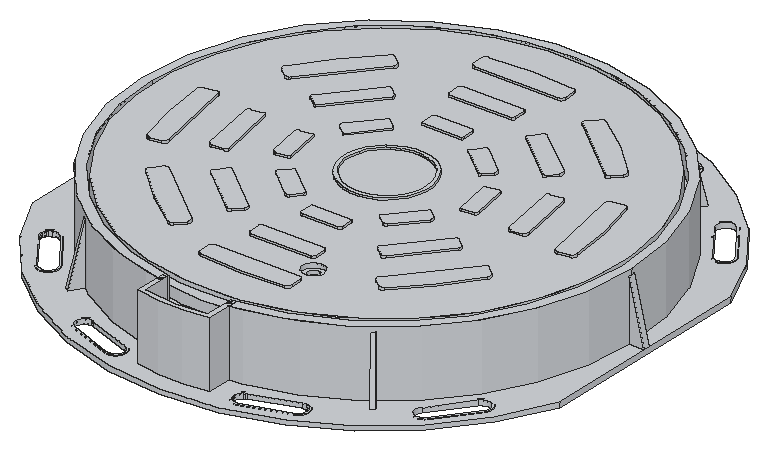
Revit family "110301-01796", category Обобщенные модели, Revit 2019 (continued)
Definition of nested family "Крышка люка"
  Automatic sketch dimensions
    Extrusion 18 sketch curve to Extrusion 18 sketch curve = 6.367 mm
    Extrusion 18 sketch curve to plane 1 "По центру (Вперед/Назад)" = 2.668 mm
    Extrusion 18 sketch curve to plane 1 "По центру (Вперед/Назад)" = 2.394 mm
    plane 1 "По центру (Вперед/Назад)" to Extrusion 18 sketch curve = 21.786 mm
    Extrusion 18 sketch curve to Extrusion 18 sketch curve = 2.828 mm
    Extrusion 18 sketch curve to Extrusion 18 sketch curve = 3.991 mm
    plane 4 to Extrusion 18 sketch curve = 448.01 mm
    Extrusion 18 sketch curve to plane 4 = 7.037 mm
    Extrusion 18 sketch curve to plane 3 "По центру (Влево/Вправо)" = 100.794 mm
    Extrusion 18 sketch curve to Extrusion 18 sketch curve = 0.433 mm
    Extrusion 18 sketch curve to Extrusion 18 sketch curve = 15.776 mm
    Extrusion 18 sketch curve to Extrusion 18 sketch curve = 0.534 mm
    plane 1 "По центру (Вперед/Назад)" to Extrusion 19 sketch curve = 130.882 mm
    plane 5 to Extrusion 19 sketch curve = 119.239 mm
    Extrusion 19 sketch curve to Extrusion 19 sketch curve = 5.739 mm  (x3)
    Extrusion 19 sketch curve to Extrusion 19 sketch curve = 58.401 mm  (x2)
    Extrusion 19 sketch curve to Extrusion 19 sketch curve = 116.802 mm
    Extrusion 19 sketch curve to Extrusion 19 sketch curve = 0 mm
    Extrusion 19 sketch curve to Extrusion 19 sketch curve = 15 mm
    Extrusion 19 sketch curve to Extrusion 19 sketch curve = 449.781 mm
    Extrusion 19 sketch curve to Extrusion 19 sketch curve = 456.025 mm
    plane 1 "По центру (Вперед/Назад)" to Extrusion 20 sketch curve = 99.289 mm
    Extrusion 20 sketch curve to plane 3 "По центру (Влево/Вправо)" = 176.908 mm
    Extrusion 20 sketch curve to Extrusion 20 sketch curve = 5.022 mm
    Extrusion 20 sketch curve to Extrusion 20 sketch curve = 5.287 mm
    Extrusion 20 sketch curve to Extrusion 20 sketch curve = 37.928 mm
    Extrusion 20 sketch curve to Extrusion 20 sketch curve = 0.54 mm
    Extrusion 20 sketch curve to Extrusion 20 sketch curve = 81.235 mm
    Extrusion 20 sketch curve to Extrusion 20 sketch curve = 0.941 mm
    Extrusion 20 sketch curve to Extrusion 20 sketch curve = 4.585 mm
    Extrusion 20 sketch curve to Extrusion 20 sketch curve = 14.643 mm
    Extrusion 20 sketch curve to Extrusion 20 sketch curve = 15.167 mm
    Extrusion 20 sketch curve to Extrusion 20 sketch curve = 454.79 mm
    Extrusion 20 sketch curve to Extrusion 20 sketch curve = 455.486 mm
    Extrusion 20 sketch curve to Extrusion 20 sketch curve = 1.994 mm
    plane 1 "По центру (Вперед/Назад)" to Extrusion 21 sketch curve = 68.026 mm
    Extrusion 21 sketch curve to plane 3 "По центру (Влево/Вправо)" = 111.764 mm
    Extrusion 21 sketch curve to Extrusion 21 sketch curve = 4.327 mm
    Extrusion 21 sketch curve to Extrusion 21 sketch curve = 6.367 mm
    Extrusion 21 sketch curve to Extrusion 21 sketch curve = 19.336 mm
    Extrusion 21 sketch curve to Extrusion 21 sketch curve = 19.609 mm
    Extrusion 21 sketch curve to Extrusion 21 sketch curve = 43.789 mm
    Extrusion 21 sketch curve to Extrusion 21 sketch curve = 2.828 mm
    Extrusion 21 sketch curve to Extrusion 21 sketch curve = 3.991 mm
    Extrusion 21 sketch curve to Extrusion 21 sketch curve = 15.343 mm
    Extrusion 21 sketch curve to Extrusion 21 sketch curve = 15.776 mm
    Extrusion 21 sketch curve to Extrusion 21 sketch curve = 453.757 mm
    Extrusion 21 sketch curve to Extrusion 21 sketch curve = 455.046 mm
    Extrusion 21 sketch curve to Extrusion 21 sketch curve = 0.534 mm
    plane 1 "По центру (Вперед/Назад)" to Extrusion 22 sketch curve = 130.882 mm
    Extrusion 22 sketch curve to plane 5 = 119.239 mm
    Extrusion 22 sketch curve to Extrusion 22 sketch curve = 5.739 mm  (x3)
    Extrusion 22 sketch curve to Extrusion 22 sketch curve = 58.401 mm  (x2)
    Extrusion 22 sketch curve to Extrusion 22 sketch curve = 116.802 mm
    Extrusion 22 sketch curve to Extrusion 22 sketch curve = 0 mm
    Extrusion 22 sketch curve to Extrusion 22 sketch curve = 15 mm
    Extrusion 22 sketch curve to Extrusion 22 sketch curve = 449.781 mm
    Extrusion 22 sketch curve to Extrusion 22 sketch curve = 456.025 mm
    plane 1 "По центру (Вперед/Назад)" to Extrusion 23 sketch curve = 99.289 mm
    plane 3 "По центру (Влево/Вправо)" to Extrusion 23 sketch curve = 176.908 mm
    Extrusion 23 sketch curve to Extrusion 23 sketch curve = 5.022 mm
    Extrusion 23 sketch curve to Extrusion 23 sketch curve = 5.287 mm
    Extrusion 23 sketch curve to Extrusion 23 sketch curve = 37.928 mm
    Extrusion 23 sketch curve to Extrusion 23 sketch curve = 0.54 mm
    Extrusion 23 sketch curve to Extrusion 23 sketch curve = 81.235 mm
    Extrusion 23 sketch curve to Extrusion 23 sketch curve = 0.941 mm
    Extrusion 23 sketch curve to Extrusion 23 sketch curve = 4.585 mm
    Extrusion 23 sketch curve to Extrusion 23 sketch curve = 14.643 mm
    Extrusion 23 sketch curve to Extrusion 23 sketch curve = 15.167 mm
    Extrusion 23 sketch curve to Extrusion 23 sketch curve = 454.79 mm
    Extrusion 23 sketch curve to Extrusion 23 sketch curve = 455.486 mm
    Extrusion 23 sketch curve to Extrusion 23 sketch curve = 1.994 mm
    plane 1 "По центру (Вперед/Назад)" to Extrusion 24 sketch curve = 68.026 mm
    plane 3 "По центру (Влево/Вправо)" to Extrusion 24 sketch curve = 111.764 mm
    Extrusion 24 sketch curve to Extrusion 24 sketch curve = 4.327 mm
    Extrusion 24 sketch curve to Extrusion 24 sketch curve = 6.367 mm
    Extrusion 24 sketch curve to Extrusion 24 sketch curve = 19.336 mm
    Extrusion 24 sketch curve to Extrusion 24 sketch curve = 19.609 mm
    Extrusion 24 sketch curve to Extrusion 24 sketch curve = 43.789 mm
    Extrusion 24 sketch curve to Extrusion 24 sketch curve = 2.828 mm
    Extrusion 24 sketch curve to Extrusion 24 sketch curve = 3.991 mm
    Extrusion 24 sketch curve to Extrusion 24 sketch curve = 15.343 mm
    Extrusion 24 sketch curve to Extrusion 24 sketch curve = 15.776 mm
    Extrusion 24 sketch curve to Extrusion 24 sketch curve = 453.757 mm
    Extrusion 24 sketch curve to Extrusion 24 sketch curve = 455.046 mm
    Extrusion 24 sketch curve to Extrusion 24 sketch curve = 0.534 mm
    Extrusion 25 sketch curve to plane 1 "По центру (Вперед/Назад)" = 130.882 mm
    Extrusion 25 sketch curve to plane 4 = 119.239 mm
    Extrusion 25 sketch curve to Extrusion 25 sketch curve = 5.739 mm  (x3)
    Extrusion 25 sketch curve to Extrusion 25 sketch curve = 58.401 mm  (x2)
    Extrusion 25 sketch curve to Extrusion 25 sketch curve = 116.802 mm
    Extrusion 25 sketch curve to Extrusion 25 sketch curve = 0 mm
    Extrusion 25 sketch curve to Extrusion 25 sketch curve = 15 mm
    Extrusion 25 sketch curve to Extrusion 25 sketch curve = 449.781 mm
    Extrusion 25 sketch curve to Extrusion 25 sketch curve = 456.025 mm
    Extrusion 26 sketch curve to plane 1 "По центру (Вперед/Назад)" = 99.289 mm
    plane 3 "По центру (Влево/Вправо)" to Extrusion 26 sketch curve = 176.908 mm
    Extrusion 26 sketch curve to Extrusion 26 sketch curve = 5.022 mm
    Extrusion 26 sketch curve to Extrusion 26 sketch curve = 5.287 mm
    Extrusion 26 sketch curve to Extrusion 26 sketch curve = 37.928 mm
    Extrusion 26 sketch curve to Extrusion 26 sketch curve = 0.54 mm
    Extrusion 26 sketch curve to Extrusion 26 sketch curve = 81.235 mm
    Extrusion 26 sketch curve to Extrusion 26 sketch curve = 0.941 mm
    Extrusion 26 sketch curve to Extrusion 26 sketch curve = 4.585 mm
    Extrusion 26 sketch curve to Extrusion 26 sketch curve = 14.643 mm
    Extrusion 26 sketch curve to Extrusion 26 sketch curve = 15.167 mm
    Extrusion 26 sketch curve to Extrusion 26 sketch curve = 454.79 mm
    Extrusion 26 sketch curve to Extrusion 26 sketch curve = 455.486 mm
    Extrusion 26 sketch curve to Extrusion 26 sketch curve = 1.994 mm
    Extrusion 27 sketch curve to plane 1 "По центру (Вперед/Назад)" = 68.026 mm
    plane 3 "По центру (Влево/Вправо)" to Extrusion 27 sketch curve = 111.764 mm
    Extrusion 27 sketch curve to Extrusion 27 sketch curve = 4.327 mm
    Extrusion 27 sketch curve to Extrusion 27 sketch curve = 6.367 mm
    Extrusion 27 sketch curve to Extrusion 27 sketch curve = 19.336 mm
    Extrusion 27 sketch curve to Extrusion 27 sketch curve = 19.609 mm
    Extrusion 27 sketch curve to Extrusion 27 sketch curve = 43.789 mm
    Extrusion 27 sketch curve to Extrusion 27 sketch curve = 2.828 mm
    Extrusion 27 sketch curve to Extrusion 27 sketch curve = 3.991 mm
    Extrusion 27 sketch curve to Extrusion 27 sketch curve = 15.343 mm
    Extrusion 27 sketch curve to Extrusion 27 sketch curve = 15.776 mm
    Extrusion 27 sketch curve to Extrusion 27 sketch curve = 453.757 mm
    Extrusion 27 sketch curve to Extrusion 27 sketch curve = 455.046 mm
    Extrusion 27 sketch curve to Extrusion 27 sketch curve = 0.534 mm
    plane 1 "По центру (Вперед/Назад)" to Extrusion 29 sketch curve = 0 mm
    Extrusion 29 sketch curve to plane 3 "По центру (Влево/Вправо)" = 0 mm
    plane 1 "По центру (Вперед/Назад)" to Extrusion 30 sketch curve = 0 mm
    Extrusion 30 sketch curve to plane 3 "По центру (Влево/Вправо)" = 0 mm
    plane 1 "По центру (Вперед/Назад)" to Extrusion 31 sketch curve = 0 mm
    Extrusion 31 sketch curve to plane 3 "По центру (Влево/Вправо)" = 0 mm
    Extrusion 32 sketch curve to plane 3 "По центру (Влево/Вправо)" = 126.155 mm
    plane 7 to Extrusion 32 sketch curve = 164.159 mm
    Extrusion 33 sketch curve to plane 3 "По центру (Влево/Вправо)" = 126.155 mm
    plane 7 to Extrusion 33 sketch curve = 164.159 mm
    Extrusion 28 sketch curve to plane 4 = 1000.034 mm
    plane 4 to Extrusion 28 sketch curve = 81.181 mm
    Extrusion 28 sketch curve to Extrusion 28 sketch curve = 80.031 mm
    Extrusion 28 sketch curve to plane 3 "По центру (Влево/Вправо)" = 92.848 mm
    Extrusion 28 sketch curve to plane 7 = 694.413 mm
    plane 7 to Extrusion 28 sketch curve = 117.534 mm
    plane 1 "По центру (Вперед/Назад)" to Extrusion 28 sketch curve = 77.833 mm
    Extrusion 28 sketch curve to Extrusion 28 sketch curve = 16.451 mm
    Extrusion 28 sketch curve to Extrusion 28 sketch curve = 15.07 mm  (x2)
    radius of Extrusion 1 sketch curve = 330 mm
    radius of Extrusion 2 sketch curve = 60 mm
    radius of Extrusion 3 sketch curve = 55 mm
    radius of Extrusion 29 sketch curve = 305 mm
    radius of Extrusion 30 sketch curve = 35 mm
    radius of Extrusion 31 sketch curve = 30 mm
    radius of Extrusion 32 sketch curve = 15 mm
    radius of Extrusion 33 sketch curve = 8 mm
